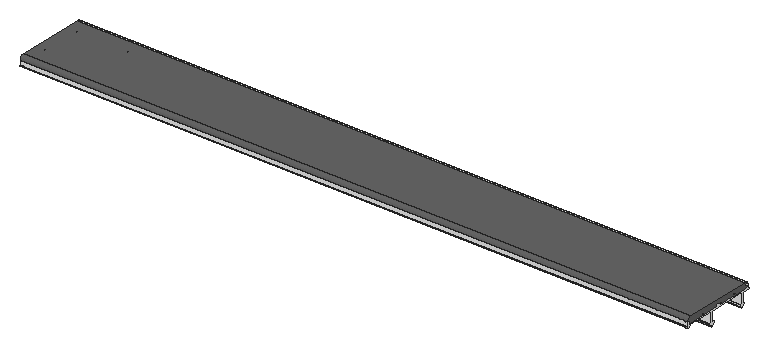
Revit family "Stair_Tread-Wooster-Spectra_Safety_Treads-WP4J", category Specialty Equipment, host Face, Revit 2017
Family settings
  Host = Face
  Round Connector Dimension = Use Diameter
  Part Type = Normal
  OmniClass Number = 23.30.70.21.11.11.11
  OmniClass Title = Stair Nosings
  Cut with Voids When Loaded = No
  Shared = No
  Room Calculation Point = No
Parameters (values of type "WP4J")
  Width [instance] = 0' - 4 1/16"  # constant formula
  Version = "2017 - v2.0a"  # constant formula
  URL = "http://www.wooster-products.com/"
  Support Phone = "(224) 699-9545"  # constant formula
  Support Email = "mailto:support@anguleris.com"
  Safety Tread [instance] = Filler - Wooster - Black - Abrasive Filler
  Product Page URL = "http://www.woosterproducts.com/products/extruded-aluminum/spectra/"
  Product Name = "Spectra Nosings"  # constant formula
  Product Documentation Link = "http://www.woosterproducts.com/spec/WP4J.pdf"
  Model = "WP4J"
  Material = ""
  Manufacturer Phone Number = "1-800-321-4936 or 330-264-2844"  # constant formula
  Manufacturer Fax Number = "330-262-4151"  # constant formula
  Manufacturer Email = "mailto:tim@wooster-products.com"
  Manufacturer Address = "1000 Spruce Street, P.O. BOX 6005, Wooster, OH. 44691"  # constant formula
  Manufacturer = "Wooster Productions Inc"  # constant formula
  Length Constraint [instance] = if(Length > 10' 0", 10' 0", Length)  # 3' - 0"
  Length [instance] = 3' - 0"
  Description = "Anti-Slip Stair Nosing"  # constant formula
  Depth = 0' - 0 3/8"  # constant formula
  Default Elevation = 0' - 0"  # constant formula
  Copyright = "Wooster Products Inc. 2019"  # constant formula
  Construction Type = "New Construction"  # constant formula
Values of the unnamed type that differ from the named types
  Support Email = ""
  Product Page URL = "http://www.wooster-products.com/Spectra_Safety_Treads.html"
  Product Documentation Link = "http://wooster-products.com/pub/Specs/WP4J.pdf"
  Manufacturer Email = ""
Reference planes (in)
  plane 1 "Center (Front/Back)": y = 0
  plane 2: z = 0
  plane 3 "Center (Left/Right)": x = 0
  plane 4 "Left": x = -18
  plane 5 "Right": x = 18
  plane 6 "Back": y = 2.03125
  plane 7 "Front": y = -2.03125
  plane 8 "Bottom": z = -0.35937
  plane 9: z = 0.01563
Forms (in)
  Sweep 1, solid, material "Filler - Wooster - Black - Abrasive Filler" <- "Safety Tread"
    path origin (0, 23.97239, 0.01563) x (0, 1, 0) y (-1, 0, 0)
      loop
        line (-21.94114, -18) -> (-21.94114, 18)
    profile "WP4 Abrassive Filler : WP4 Abrassive Filler" origin (0, 2.03125, 0.01562) x (0, -1, 0) y (0, 0, 1)
      loop
        line (0.16375, 0) -> (0.08192, -0.30538) -> (0.88392, -0.30538) -> (0.8589, -0.21201) -> (0.97847, -0.21201) -> (0.95889, -0.30538) -> (1.83992, -0.30538) -> (1.8149, -0.21201) -> (2.1899, -0.21201) -> (2.16488, -0.30539) -> (3.02691, -0.30539) -> (3.00189, -0.21201) -> (3.12687, -0.21201) -> (3.10185, -0.30539) -> (3.96492, -0.30539) -> (3.9399, -0.21201) -> (4.06325, -0.21101)
        arc (4.06325, -0.21101) -> (4.00145, -0.06181) -> (3.85225, 0) r 0.211
        line (3.85225, 0) -> (0.16375, 0)
  Sweep 2, solid, material "Metal - Wooster - Extruded Aluminum"
    path origin (0, 23.97239, 0.01563) x (0, 1, 0) y (-1, 0, 0)
      loop
        line (-21.94114, -18) -> (-21.94114, 18)
    profile "WP4J Aluminum Base : WP4J Aluminum Base" origin (0, 2.03125, 0.01562) x (0, -1, 0) y (0, 0, 1)
      loop
        line (0, -0.376) -> (0.328, -0.376)
        arc (0.328, -0.376) -> (0.36123, -0.38977) -> (0.375, -0.423) r 0.047
        line (0.375, -0.423) -> (0.375, -1.00636) -> (0.28125, -0.91261) -> (0.28125, -1.001) -> (0.40625, -1.126) -> (0.53125, -1.001) -> (0.53125, -0.91261) -> (0.4375, -1.00636) -> (0.4375, -0.423)
        arc (0.4375, -0.423) -> (0.45126, -0.38977) -> (0.4845, -0.376) r 0.047
        line (0.4845, -0.376) -> (2.3905, -0.376)
        arc (2.3905, -0.376) -> (2.42373, -0.38977) -> (2.4375, -0.423) r 0.047
        line (2.4375, -0.423) -> (2.4375, -1.00636) -> (2.34375, -0.91261) -> (2.34375, -1.001) -> (2.46875, -1.126) -> (2.59375, -1.001) -> (2.59375, -0.91261) -> (2.5, -1.00636) -> (2.5, -0.423)
        arc (2.5, -0.423) -> (2.51376, -0.38977) -> (2.547, -0.376) r 0.047
        line (2.547, -0.376) -> (3.88798, -0.376)
        arc (3.88798, -0.376) -> (3.96637, -0.39421) -> (4.01741, -0.45642) r 0.125
        arc (4.01741, -0.45642) -> (4.0459, -0.47106) -> (4.06325, -0.44414) r 0.02384
        line (4.06325, -0.44414) -> (4.06325, -0.211) -> (3.9399, -0.212) -> (3.96492, -0.30538) -> (3.10185, -0.30538) -> (3.12687, -0.212) -> (3.00189, -0.212) -> (3.02691, -0.30538) -> (2.16488, -0.30538) -> (2.1899, -0.212) -> (1.8149, -0.212) -> (1.83992, -0.30537) -> (0.95889, -0.30537) -> (0.97847, -0.212) -> (0.8589, -0.212) -> (0.88392, -0.30537) -> (0.08192, -0.30537) -> (0.16375, 0) -> (0.10075, 0) -> (0, -0.376)
Lines and regions (in)
  Masking region 1
    outline origin (0, 0, 0) x (1, 0, 0) y (0, 1, 0)
      loop
        line (-18, 2.03125) -> (-18, -2.03125) -> (18, -2.03125) -> (18, 2.03125) -> (-18, 2.03125)
Dimensions and locks (in)
  equal spacing: plane 4 "Left", plane 3 "Center (Left/Right)", plane 5 "Right"
  "Length Constraint": plane 4 "Left" to plane 5 "Right"
  equal spacing: plane 7 "Front", plane 1 "Center (Front/Back)", plane 6 "Back"
  "Width": plane 7 "Front" to plane 6 "Back"
  "Depth": plane 9 to plane 8 "Bottom"
  locked: plane 2 to plane 8 "Bottom" at 0.35938
  aligned and locked: plane 2 to host face
  aligned and locked: level to host face
  aligned and locked: plane 6 "Back" to Sweep 1 sketch curve
  aligned and locked: plane 5 "Right" to Sweep 1 sketch curve
  aligned and locked: plane 4 "Left" to Sweep 1 sketch curve
  aligned and locked: plane 6 "Back" to Sweep 2 sketch curve
  aligned and locked: plane 4 "Left" to Sweep 2 sketch curve
  aligned and locked: plane 5 "Right" to Sweep 2 sketch curve
  aligned and locked: Masking region 1 sketch curve to plane 6 "Back"
  aligned and locked: Masking region 1 sketch curve to plane 7 "Front"
  aligned and locked: plane 5 "Right" to Masking region 1 sketch curve
  aligned and locked: plane 4 "Left" to Masking region 1 sketch curve
Automatic sketch dimensions
  host sketch curve to host sketch curve = 8' - 0"
  host sketch curve to host sketch curve = 4' - 0"
